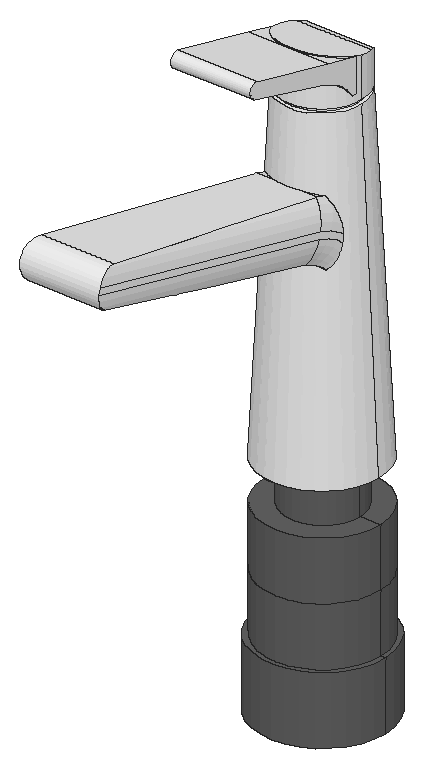
Revit family "LQ1000001_Lavamanos Monocontrol Medio Liquid", category Plumbing Fixtures, Revit 2019
Family settings
  Round Connector Dimension = Use Diameter
  Part Type = Normal
  OmniClass Number = 23.31.11.00
  OmniClass Title = Faucets
  Work Plane-Based = No
  Always vertical = Yes
  Cut with Voids When Loaded = No
  Shared = No
  Room Calculation Point = No
Parameters
  Vida útil = "500.000 ciclos."  # constant formula
  Uso = "Residencial"  # constant formula
  URL = "https://corona.co/productos/griferias/griferia-para-lavamanos/griferia-para-lavamanos-liquid-monocontrol/p/LQ1010001"
  Tipo de manija/accionamiento = "Palanca"  # constant formula
  Tipo de Grifería = "Monocontrol"  # constant formula
  Tipo de Chorro = "Espumoso"  # constant formula
  Temperaturas mínima de trabajo = "5°C / 41 °F"  # constant formula
  Temperaturas máxima de trabajo = "71°C / 159,8°F"  # constant formula
  Tecnologías = "DuraCrome EcoStream ThermoControl"  # constant formula
  Sistema de accionamiento = "Palanca monocontrol"  # constant formula
  Resistencia = "Resistente a la corrosión pelado y decoloración por agua"  # constant formula
  Productos compatibles = "Lavamanos de mesón integrado, Lavamanos para sobreponer, Lavamanos para incrustar\r\nLavamanos de pedestal, Lavamanos de semipedestal,Lavamanos de colgar"  # constant formula
  Presión mínima recomendada = "20 psi (140 Kpa)"  # constant formula
  Presión máxima recomendada = "125 psi (860 Kpa)"  # constant formula
  Peso neto = "1.320 g. - 2,91 lb."  # constant formula
  Peso  Bruto = "1.480 g. - 3,26 lb."  # constant formula
  Material = "Metálico"  # constant formula
  Longitud = 181 mm
  Linea = "Liquid"  # constant formula
  Incluye = "Cuerpo, Manija"  # constant formula
  Garantías de otros componentes = "5 años en acabados"  # constant formula
  Garantía = "30 años en estructura"  # constant formula
  Fecha de creación = "11/08/2020"  # constant formula
  Description = "La línea de griferías, duchas y accesorios Liquid se inspira en la tensión superficial del agua y en cómo esta crea formas armoniosas adaptándose al ambiente. Al igual que el agua, las superficies de las griferías Liquid juegan con la luz y los reflejos que fluyen alrededorde sus formas, sus líneas continuas y simplicidad formal proporcionan la ventaja práctica y limpieza sin esfuerzo.\r\nIncluye la tecnología Ecostream, de ahorro de agua; y la tecnología ThermoControl, de control más preciso de la temperatura.\r\nIncluye apertura con accionamiento central en frío que evita el encendido automático de calentadores y calderas ahorrando energía; además, es de fácil limpieza gracias al diseño que evita la acumulación de impurezas, es resistente a la corrosión, pelado y decoloración por agua y tiene recubrimientos no tóxicos."  # constant formula
  Creado por = "IDD"  # constant formula
  Consumo de agua = "5.7 lt"  # constant formula
  Colección = "Liquid"  # constant formula
  Capacidad de flujo = "60 psi: 4,86 L/min."  # constant formula
  Ancho = 54 mm
  Altura de la grifería = "Media"  # constant formula
  Alto = 192 mm
  Acabado = Corona_Cromado
Reference planes
  plane 1 "Center (Front/Back)": y = 0
  plane 2: z = 0
  plane 3 "Center (Left/Right)": x = 0
Forms (mm)
  Revolve 1, solid, material "Corona_Acero_Negro Mate", detail levels medium+fine
    sketch origin (0, 0, 0) x (1, 0, 0) y (0, 0, 1)
      loop
        line (17.442, 0) -> (0, 0) -> (0, -21.393) -> (17.442, -21.393) -> (17.442, 0)
      axis (0, 0) -> (0, -21.393)
    angle from 0 to 360
  Revolve 2, solid, material "Corona_Acero_Negro Mate", detail levels medium+fine
    sketch origin (0, 0, 0) x (1, 0, 0) y (0, 0, 1)
      loop
        line (17.442, -19.243) -> (17.442, -21.393) -> (0, -21.393) -> (0, -46.743) -> (27.248, -46.743) -> (27.248, -19.243) -> (17.442, -19.243)
      axis (0, -19.243) -> (0, -46.743)
    angle from 0 to 360
  Revolve 3, solid, material "Corona_Acero_Negro Mate", detail levels medium+fine
    sketch origin (0, 0, 0) x (1, 0, 0) y (0, 0, 1)
      loop
        line (27.248, -46.743) -> (0, -46.743) -> (0, -105.915) -> (29.634, -105.915) -> (29.634, -74.243) -> (27.248, -74.243) -> (27.248, -46.743)
      axis (0, -46.743) -> (0, -105.915)
    angle from 0 to 360
  Blend 4, solid, material "Corona_Cromado" <- "Acabado", detail levels medium+fine
    base sketch origin (-0.443, 0.017, 0) x (-0.999956, 0.009361, 0) y (-0.009361, -0.999956, 0)
      loop
        circle (0, 0) r 27
    top sketch origin (-0.443, 0.017, 0) x (-0.999956, 0.009361, 0) y (-0.009361, -0.999956, 0)
      loop
        circle (0, 0) r 19
    from 0 to 153.7
  Extrusion 5, solid, material "Corona_Cromado" <- "Acabado", detail levels medium+fine
    sketch origin (-0.443, 0.017, 153.7) x (-0.999956, 0.009361, 0) y (-0.009361, -0.999956, 0)
      loop
        circle (0, 0) r 17
    from 0 to 2
  Extrusion 6, solid, material "Corona_Cromado" <- "Acabado", detail levels medium+fine
    sketch origin (-0.443, 0.017, 155.7) x (-0.999956, 0.009361, 0) y (-0.009361, -0.999956, 0)
      loop
        circle (0, 0) r 19
    from 0 to 31.914
  Extrusion 7, void
    sketch origin (-0.443, 0.017, -61.3) x (-0.009361, -0.999956, 0) y (0, 0, 1)
      loop
        line (-19.012, 217) -> (-19.012, 219.18)
        arc (-19.012, 219.18) -> (-15.816, 228.452) -> (-7.586, 233.786) r 15.048
        line (-7.586, 233.786) -> (21.48, 240.992) -> (21.48, 255.992) -> (-21.355, 255.992) -> (-21.355, 217) -> (-19.012, 217)
    from -22.215 to 21.621
  Sweep 8, solid, material "Corona_Cromado" <- "Acabado", detail levels medium+fine
    path origin (-0.443, 0.017, -61.3) x (-0.009361, -0.999956, 0) y (0, 0, 1)
      loop
        line (152.333, 202.328) -> (24.257, 170.395)
        arc (24.257, 170.395) -> (6.783, 159.048) -> (0, 139.347) r 31.999
    profile origin (-1.27, -88.274, 125.062) x (-0.002265, -0.241911, -0.970296) y (-0.999956, 0.009361, 0)
      loop
        line (-1.496, -18.68) -> (1.496, -18.68)
        arc (1.496, -18.68) -> (14.224, -13.408) -> (19.496, -0.68) r 18
        line (19.496, -0.68) -> (19.496, 0.68)
        arc (19.496, 0.68) -> (14.224, 13.408) -> (1.496, 18.68) r 18
        line (1.496, 18.68) -> (-1.496, 18.68)
        arc (-1.496, 18.68) -> (-14.224, 13.408) -> (-19.496, 0.68) r 18
        line (-19.496, 0.68) -> (-19.496, -0.68)
        arc (-19.496, -0.68) -> (-14.224, -13.408) -> (-1.496, -18.68) r 18
  Extrusion 9, void
    sketch origin (-0.443, 0.017, -61.3) x (-0.009361, -0.999956, 0) y (0, 0, 1)
      loop
        arc (20.185, 183.151) -> (-1.739, 169.216) -> (-9.196, 144.332) r 37.194
        line (-9.196, 144.332) -> (10.055, 144.332)
        arc (10.055, 144.332) -> (18.924, 153.564) -> (30.446, 159.142) r 36.283
        line (30.446, 159.142) -> (145.274, 191.353)
        arc (145.274, 191.353) -> (150.977, 202.312) -> (140.407, 208.705) r 9.029
        line (140.407, 208.705) -> (20.185, 183.151)
      loop
        line (-31.284, 201.831) -> (-29.334, 112.043) -> (227.02, 179.181) -> (203.497, 263.32) -> (-31.284, 201.831)
    from -47.169 to 45.809
  Extrusion 10, solid, material "Corona_Cromado" <- "Acabado", detail levels medium+fine
    sketch origin (-0.443, 0.017, -61.3) x (-0.009361, -0.999956, 0) y (0, 0, 1)
      loop
        line (18.929, 240.068) -> (0, 235.348) -> (0, 220.637) -> (5, 220.637)
        arc (5, 220.637) -> (12.232, 227.743) -> (21.383, 232.108) r 30.716
        line (21.383, 232.108) -> (61.553, 243.627)
        arc (61.553, 243.627) -> (64.051, 247.784) -> (59.894, 250.281) r 3.429
        line (59.894, 250.281) -> (18.929, 240.068)
    from -18.68 to 18.68
  Revolve 11, solid, material "Corona_Cromado" <- "Acabado", detail levels medium+fine
    sketch origin (-0.443, 0.017, -61.3) x (-0.009361, -0.999956, 0) y (0, 0, 1)
      loop
        line (16.924, 226.502) -> (20.694, 226.502) -> (20.694, 229.502) -> (16.924, 229.502) -> (16.924, 226.502)
      axis (20.694, 226.502) -> (16.924, 226.502)
    angle from 0 to 360
  Sweep 12, solid, material "Corona_Cromado" <- "Acabado", detail levels medium+fine
    path origin (-0.985, -13.277, -112.097) x (-0.999956, 0.009361, 0) y (-0.009042, -0.965883, 0.258819)
      loop
        circle (0, 165.01) r 12
    profile origin (-2.585, -184.248, -66.283) x (0.009042, 0.965883, -0.258819) y (0.002423, 0.258808, 0.965926)
      loop
        line (-0.963, 200.526) -> (-0.963, 197.441)
        arc (-0.963, 197.441) -> (0, 196.478) -> (0.963, 197.441) r 0.963
        line (0.963, 197.441) -> (0.963, 199.986) -> (-0.963, 200.526)
Cuts and joins
  Extrusion 7 cuts Extrusion 6
  Extrusion 9 cuts Sweep 8
  Extrusion 9 cuts Sweep 12
Dimensions and locks
  aligned and locked: level to plane 2
  aligned and locked: nested 3 to nested 4
  aligned and locked: nested 4 to nested 1
Nested families
  nested 1: "Right" at (0, 0, 0) x (0, -1, 0) z (1, 0, 0), type "Right"
  nested 2: "Family2" at (0, 0, 0) x (1, 0, 0) z (0, -1, 0), type "Family2"
  nested 3: "Family1" at (0, 0, 0), type "Family1"
  nested 4: "Visualizacion Baja" at (0, -151.388, -105.915), type "Visualizacion Baja", detail levels coarse
    with Width 54 mm, Height 297.5 mm, Depth 181 mm, Base Height 0 mm
Connectors
  piping at (0, 0, 0), diameter 25.4
    settings: on Revolve 1, index 1, connector inside diameter 609.6 mm, connector length 0 mm, flow factor 0, pipe flow 0.0 L/s, pressure drop 0.0 Pa, fitting loss kfactor 0, connector angle 0.00°, fixture units 0, engagement length 0 mm, angle of deflection 0.00°, flow configuration 0, flow direction 0, fitting loss method 0, system type 7, joint type 0, gender type 0, connector reference index -1, connector utility 0, adjustable connector no, is connector primary yes, connector description ""
  piping at (0, 0, 0), diameter 25.4
    settings: on Revolve 1, index 2, connector inside diameter 609.6 mm, connector length 0 mm, flow factor 0, pipe flow 0.0 L/s, pressure drop 0.0 Pa, fitting loss kfactor 0, connector angle 0.00°, fixture units 0, engagement length 0 mm, angle of deflection 0.00°, flow configuration 0, flow direction 0, fitting loss method 0, system type 7, joint type 0, gender type 0, connector reference index -1, connector utility 0, adjustable connector no, is connector primary no, connector description ""
Definition of nested family "Visualizacion Baja"
  Parameters (values of type "Visualizacion Baja")
    Width = 350 mm
    Height = 350 mm
    Depth = 350 mm
    Base Height = 900 mm
    BIMBAU_Material = none
  Reference planes
    plane 1 "Center (Front/Back)": y = 0
    plane 2: z = 0
    plane 3 "Center (Left/Right)": x = 0
    plane 4: x = -175
    plane 5: x = 175
    plane 6: z = 1250
    plane 7: z = 900
    plane 8: y = 350
    plane 9: y = 175
  Forms (mm)
    Extrusion 1, solid, material <- "BIMBAU_Material"
      sketch origin (0, 0, 0) x (1, 0, 0) y (0, 0, 1)
        loop
          line (-175, 1250) -> (-175, 900) -> (175, 900) -> (175, 1250) -> (-175, 1250)
      from 0 to -350
  Dimensions and locks
    "Height": plane 6 to plane 7
    equal spacing: plane 5, plane 3 "Center (Left/Right)", plane 4
    "Width": plane 5 to plane 4
    "Depth": plane 8 to plane 1 "Center (Front/Back)"
    "Base Height": plane 7 to level
    equal spacing: plane 1 "Center (Front/Back)", plane 9, plane 8
    aligned and locked: level to plane 2
    aligned and locked: Extrusion 1 sketch curve to plane 6
    aligned and locked: Extrusion 1 sketch curve to plane 5
    aligned and locked: plane 7 to Extrusion 1 sketch curve
    aligned and locked: plane 4 to Extrusion 1 sketch curve
    aligned and locked: Extrusion 1 to plane 8
Definition of nested family "Right"
  Reference planes
    plane 1 "Center (Front/Back)": y = 0
    plane 2: z = 0
    plane 3 "Center (Left/Right)": x = 0
  Lines and regions (mm)
    model lines, in view "Ref. Level"
      curve 1: line (-24.777, 0, 0) -> (24.683, 0, 0)
      curve 2: line (24.683, 0, 0) -> (21.179, 94.173, 0)
      curve 3: spline (144.977, 130.33, 0) -> (135.417, 127.648, 0) -> (125.858, 124.966, 0) -> (116.298, 122.283, 0) -> (106.739, 119.601, 0) -> (97.18, 116.919, 0) -> (87.622, 114.237, 0) -> (78.063, 111.556, 0) -> (68.505, 108.874, 0) -> (58.946, 106.192, 0) -> (49.388, 103.51, 0) -> (39.831, 100.828, 0) -> (30.273, 98.146, 0)
      curve 4: spline (30.273, 98.146, 0) -> (29.468, 97.91, 0) -> (28.669, 97.656, 0) -> (27.877, 97.384, 0) -> (27.093, 97.095, 0) -> (26.318, 96.788, 0) -> (25.551, 96.463, 0) -> (24.794, 96.122, 0) -> (24.048, 95.764, 0) -> (23.313, 95.39, 0) -> (22.589, 95, 0) -> (21.877, 94.594, 0) -> (21.179, 94.173, 0)
      curve 5: line (151.442, 138.796, 0) -> (144.977, 130.33, 0)
      curve 6: spline (150.684, 141.692, 0) -> (150.791, 141.465, 0) -> (150.89, 141.234, 0) -> (150.982, 141, 0) -> (151.065, 140.763, 0) -> (151.141, 140.524, 0) -> (151.209, 140.282, 0) -> (151.268, 140.038, 0) -> (151.32, 139.792, 0) -> (151.363, 139.545, 0) -> (151.397, 139.296, 0) -> (151.424, 139.047, 0) -> (151.442, 138.796, 0)
      curve 7: line (138.89, 147.428, 0) -> (150.684, 141.692, 0)
      curve 8: spline (20.065, 122.164, 0) -> (29.965, 124.269, 0) -> (39.865, 126.374, 0) -> (49.766, 128.479, 0) -> (59.668, 130.584, 0) -> (69.569, 132.689, 0) -> (79.471, 134.795, 0) -> (89.374, 136.9, 0) -> (99.276, 139.005, 0) -> (109.179, 141.111, 0) -> (119.083, 143.216, 0) -> (128.987, 145.322, 0) -> (138.89, 147.428, 0)
      curve 9: line (-19.047, 154, 0) -> (18.953, 154, 0)
      curve 10: spline (20.646, 168.502, 0) -> (20.639, 168.399, 0) -> (20.632, 168.1, 0) -> (20.626, 167.623, 0) -> (20.622, 167.002, 0) -> (20.619, 166.278, 0) -> (20.618, 165.502, 0) -> (20.619, 164.725, 0) -> (20.622, 164.002, 0) -> (20.626, 163.38, 0) -> (20.632, 162.903, 0) -> (20.639, 162.604, 0) -> (20.646, 162.502, 0)
      curve 11: line (-24.777, 0, 0) -> (-19.047, 154, 0)
      curve 12: line (-17.06, 156, 0) -> (-17.06, 154, 0)
      curve 13: line (16.887, 156, 0) -> (16.887, 154, 0)
      curve 14: line (18.953, 154, 0) -> (20.065, 122.164, 0)
      curve 15: line (108.692, 120.149, 0) -> (109.434, 117.38, 0)
      curve 16: line (109.434, 117.38, 0) -> (134.82, 124.182, 0)
      curve 17: line (134.82, 124.182, 0) -> (133.944, 127.45, 0)
      curve 18: line (18.953, 156, 0) -> (18.953, 162.502, 0)
      curve 19: line (18.953, 162.502, 0) -> (20.646, 162.502, 0)
      curve 20: line (18.953, 162.502, 0) -> (20.646, 162.502, 0)
      curve 21: line (20.646, 162.502, 0) -> (20.646, 168.502, 0)
      curve 22: line (20.646, 168.502, 0) -> (18.953, 168.502, 0)
      curve 23: line (18.953, 168.502, 0) -> (18.953, 170.475, 0)
      curve 24: line (18.953, 170.475, 0) -> (69.274, 184.905, 0)
      curve 25: line (67.385, 191.494, 0) -> (-7.551, 172.849, 0)
      curve 26: arc (-19.047, 156, 0) -> (-16.509, 166.615, 0) -> (-7.551, 172.849, 0) r 15.325
      curve 27: arc (67.385, 191.494, 0) -> (71.509, 189.111, 0) -> (69.274, 184.905, 0) r 3.429
      curve 28: line (-19.047, 156, 0) -> (18.953, 156, 0)
      curve 45: line (17.465, -21.393, 0) -> (-17.419, -21.393, 0)
      curve 46: line (27.271, -19.243, 0) -> (17.271, -19.243, 0)
      curve 47: line (27.271, -46.743, 0) -> (27.271, -19.243, 0)
      curve 48: line (-27.225, -46.743, 0) -> (27.271, -46.743, 0)
      curve 49: line (-27.225, -19.243, 0) -> (-27.225, -46.743, 0)
      curve 50: line (-17.419, -19.243, 0) -> (-27.225, -19.243, 0)
      curve 51: line (-27.225, -74.243, 0) -> (-27.225, -46.743, 0)
      curve 52: line (27.271, -46.743, 0) -> (27.271, -74.243, 0)
      curve 53: line (-29.612, -74.243, 0) -> (29.657, -74.243, 0)
      curve 54: line (-29.612, -105.915, 0) -> (-29.612, -74.243, 0)
      curve 55: line (29.657, -74.243, 0) -> (29.657, -105.915, 0)
      curve 56: line (29.657, -105.915, 0) -> (-29.612, -105.915, 0)
    detail lines, in view "Ref. Level"
      curve 29: line (0, -361.43, -21.393) -> (0, -361.43, 0)
      curve 30: line (0, -396.314, -21.393) -> (0, -361.43, -21.393)
      curve 31: line (0, -396.314, 0) -> (0, -396.314, -21.393)
      curve 32: line (0, -361.43, -19.243) -> (0, -351.624, -19.243)
      curve 33: line (0, -351.624, -19.243) -> (0, -351.624, -46.743)
      curve 34: line (0, -351.624, -46.743) -> (0, -406.12, -46.743)
      curve 35: line (0, -406.12, -46.743) -> (0, -406.12, -19.243)
      curve 36: line (0, -406.12, -19.243) -> (0, -396.12, -19.243)
      curve 37: line (0, -351.624, -46.743) -> (0, -406.12, -46.743)
      curve 38: line (0, -351.624, -74.243) -> (0, -351.624, -46.743)
      curve 39: line (0, -406.12, -74.243) -> (0, -351.624, -74.243)
      curve 40: line (0, -406.12, -46.743) -> (0, -406.12, -74.243)
      curve 41: line (0, -349.238, -74.243) -> (0, -408.506, -74.243)
      curve 42: line (0, -349.238, -105.915) -> (0, -349.238, -74.243)
      curve 43: line (0, -408.506, -105.915) -> (0, -349.238, -105.915)
      curve 44: line (0, -408.506, -74.243) -> (0, -408.506, -105.915)
      curve 57: line (-17.419, -21.393, 0) -> (-17.419, 0, 0)
      curve 58: line (17.465, -21.393, 0) -> (17.465, 0, 0)
Definition of nested family "Family2"
  Reference planes
    plane 1 "Center (Front/Back)": y = 0
    plane 2: z = 0
    plane 3 "Center (Left/Right)": x = 0
  Lines and regions (mm)
    detail lines, in view "Ref. Level"
      curve 1: line (-26.83, 0, 0) -> (26.83, 0, 0)
      curve 2: line (26.83, 0, 0) -> (22.913, 180.304, 0)
      curve 3: line (-26.83, 0, 0) -> (-22.913, 180.304, 0)
      curve 4: arc (-22.913, 180.304, 0) -> (0, 191.585, 0) -> (22.913, 180.304, 0) r 28.911
      curve 5: arc (24.137, 123.982, 0) -> (0, 137.673, 0) -> (-24.137, 123.982, 0) r 28.122
      curve 6: line (23.646, 146.593, 0) -> (-23.646, 146.593, 0)
      curve 7: line (-23.71, 143.646, 0) -> (23.71, 143.646, 0)
      curve 8: spline (0, 106.373, 0) -> (3.418, 106.543, 0) -> (6.603, 107.042, 0) -> (9.339, 107.837, 0) -> (11.437, 108.873, 0) -> (12.757, 110.079, 0) -> (13.207, 111.373, 0) -> (12.757, 112.667, 0) -> (11.437, 113.873, 0) -> (9.339, 114.908, 0) -> (6.603, 115.703, 0) -> (3.418, 116.202, 0) -> (0, 116.373, 0) -> (-3.418, 116.202, 0) -> (-6.603, 115.703, 0) -> (-9.339, 114.908, 0) -> (-11.437, 113.873, 0) -> (-12.757, 112.667, 0) -> (-13.207, 111.373, 0) -> (-12.757, 110.079, 0) -> (-11.437, 108.873, 0) -> (-9.339, 107.837, 0) -> (-6.603, 107.042, 0) -> (-3.418, 106.543, 0) -> (0, 106.373, 0)
      curve 9: spline (0, 108.074, 0) -> (2.173, 108.155, 0) -> (4.199, 108.391, 0) -> (5.938, 108.766, 0) -> (7.272, 109.254, 0) -> (8.111, 109.823, 0) -> (8.397, 110.434, 0) -> (8.111, 111.044, 0) -> (7.272, 111.614, 0) -> (5.938, 112.102, 0) -> (4.199, 112.477, 0) -> (2.173, 112.713, 0) -> (0, 112.793, 0) -> (-2.173, 112.713, 0) -> (-4.199, 112.477, 0) -> (-5.938, 112.102, 0) -> (-7.272, 111.614, 0) -> (-8.111, 111.044, 0) -> (-8.397, 110.434, 0) -> (-8.111, 109.823, 0) -> (-7.272, 109.254, 0) -> (-5.938, 108.766, 0) -> (-4.199, 108.391, 0) -> (-2.173, 108.155, 0) -> (0, 108.074, 0)
      curve 10: line (-17.558, 0, 0) -> (-17.558, -21.393, 0)
      curve 11: line (-17.558, -21.393, 0) -> (17.442, -21.393, 0)
      curve 12: line (17.442, -21.393, 0) -> (17.442, 0, 0)
      curve 13: line (-17.558, -19.243, 0) -> (-27.248, -19.243, 0)
      curve 14: line (-27.248, -19.243, 0) -> (-27.248, -74.243, 0)
      curve 15: line (-27.248, -74.243, 0) -> (-28.443, -74.243, 0)
      curve 16: line (-28.443, -74.243, 0) -> (-29.634, -74.243, 0)
      curve 17: line (-29.634, -74.243, 0) -> (-29.634, -105.915, 0)
      curve 18: line (-29.634, -105.915, 0) -> (0, -105.915, 0)
      curve 19: line (17.442, -21.393, 0) -> (-17.558, -21.393, 0)
      curve 20: line (17.442, -19.243, 0) -> (27.248, -19.243, 0)
      curve 21: line (27.248, -19.243, 0) -> (27.248, -74.243, 0)
      curve 22: line (27.248, -74.243, 0) -> (28.443, -74.243, 0)
      curve 23: line (28.443, -74.243, 0) -> (29.634, -74.243, 0)
      curve 24: line (29.634, -74.243, 0) -> (29.634, -105.915, 0)
      curve 25: line (29.634, -105.915, 0) -> (0, -105.915, 0)
      curve 26: line (-27.248, -46.743, 0) -> (27.248, -46.743, 0)
      curve 27: line (-28.443, -74.243, 0) -> (27.248, -74.243, 0)
Definition of nested family "Family1"
  Reference planes
    plane 1 "Center (Front/Back)": y = 0
    plane 2: z = 0
    plane 3 "Center (Left/Right)": x = 0
  Lines and regions (mm)
    model lines, in view "Ref. Level"
      curve 1: arc (17.943, -23.6, 0) -> (26.499, -13.192, 0) -> (29.562, -0.071, 0) r 29.634
      curve 2: arc (29.562, -0.071, 0) -> (-12.424, 26.867, 0) -> (-19.409, -22.527, 0) r 29.634
      curve 3: arc (27.176, -0.071, 0) -> (-10.474, 25.114, 0) -> (-19.379, -19.299, 0) r 27.248
      curve 4: arc (17.972, -20.488, 0) -> (24.769, -11.269, 0) -> (27.176, -0.071, 0) r 27.248
      curve 5: arc (18.132, -3.463, 0) -> (1.404, 19.085, 0) -> (-19.515, 0.36, 0) r 19
      curve 6: line (17.492, -71.846, 0) -> (18.132, -3.463, 0)
      curve 7: line (-19.227, -3.113, 0) -> (-19.871, -71.846, 0)
      curve 8: arc (-19.515, 0.36, 0) -> (-19.451, -1.383, 0) -> (-19.227, -3.113, 0) r 19
      curve 9: line (16.33, -151.449, 0) -> (16.33, -71.846, 0)
      curve 10: line (-1.771, -71.846, 0) -> (17.492, -71.846, 0)
      curve 11: line (-18.709, -151.121, 0) -> (16.33, -151.449, 0)
      curve 12: line (-1.771, -71.846, 0) -> (-19.871, -71.846, 0)
      curve 13: line (-18.709, -71.846, 0) -> (-18.709, -151.121, 0)
